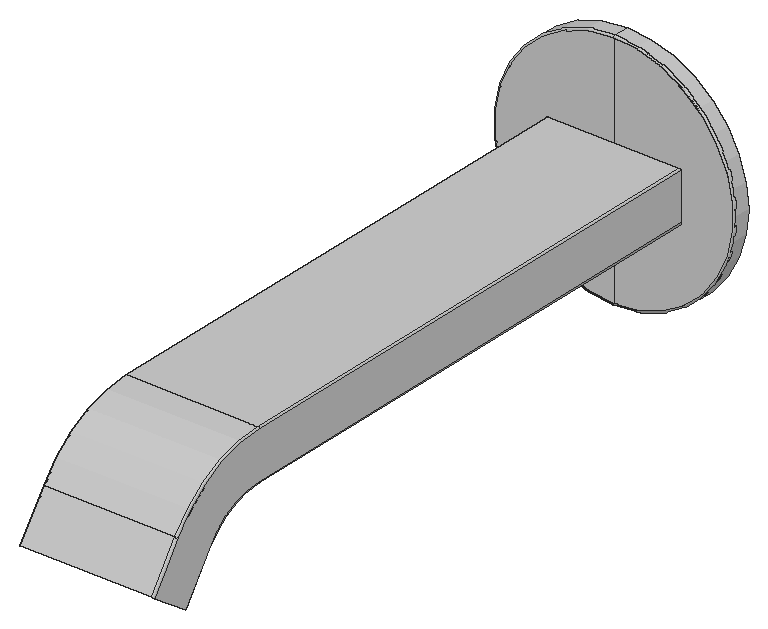
Revit family "PlumFix_Tap_ABEY_Stile_Basin Spout", category Plumbing Fixtures, Revit 2015
Parameters (values of type "Chrome")
  Waste Connection = no
  WFU = 0
  Vent Connection = no
  URL = "https://www.abey.com.au/"
  Type Comments = "Chrome Finish"
  PlumbingMaterial_ANZRS = z_Abey_Chrome
  Model = "500269"
  Manufacturer_URL__Product Specific = "https://www.abey.com.au/product/bathroom/stile-basin-spout/"
  Manufacturer_Spec Code = Model  # "500269"
  Manufacturer_Overall Width = 72 mm  # constant formula
  Manufacturer_Overall Height = 72 mm  # constant formula
  Manufacturer_Overall Depth = 201 mm  # constant formula
  Manufacturer_Height From FFL [instance] = 900 mm
  Manufacturer = "Abey Australia"  # constant formula
  Keynote = ""
  HWFU = 0
  HW Connection = yes
  Description = "Stile Basin Spout"  # constant formula
  CreatedBy_ANZRS = "UNIFI Labs"  # constant formula
  CreatedByURL_ANZRS = "http://www.unifilabs.com/"
  Cost = 0
  CWFU = 0
  CW Connection = yes
  Assembly Code = ""
Types (5, lengths in mm): name | Type Comments | PlumbingMaterial_ANZRS | Model | Manufacturer_Spec Code
  Chrome | "Chrome Finish" | z_Abey_Chrome | "500269" | "500269"
  Black | "Black Finish" | z_Abey_Black | "500269B" | "500269B"
  Brushed Nickel | "Brushed Nickel Finish" | z_Abey_Brushed Nickel | "500269BN" | "500269BN"
  Graphite | "Graphite Finish" | z_Abey_Graphite | "500269GR" | "500269GR"
  Rose Gold | "Rose Gold Finish" | z_Abey_Rose Gold | "500269RG" | "500269RG"
Reference planes
  plane 1 "Ref. Level": z = 0
  plane 2 "Center (Left/Right)": x = 98.02
  plane 3 "Bottom": z = 864
  plane 4 "Back": y = 25.5
  plane 5 "Left": x = 62.02
  plane 6 "Right": x = 134.02
  plane 7 "Top": z = 936
  plane 8 "Center (Front/Back)": y = -75
  plane 9 "Center (Elevation)": z = 900
  plane 10 "Front": y = -175.5
Forms (mm)
  Revolve 1, solid, material "z_Abey_Chrome" <- "PlumbingMaterial_ANZRS"
    sketch origin (98.02, 0, 0) x (0, 1, 0) y (0, 0, 1)
      loop
        line (25.5, 900) -> (25.5, 936) -> (21.011, 936)
        arc (21.011, 936) -> (20.658, 935.854) -> (20.511, 935.5) r 0.5
        line (20.511, 935.5) -> (20.511, 900) -> (25.5, 900)
      axis (20.511, 900) -> (25.5, 900)
    angle from 0 to 360
  Sweep 2, solid, material "z_Abey_Chrome" <- "PlumbingMaterial_ANZRS"
    path origin (98.02, 0, 0) x (0, 1, 0) y (0, 0, 1)
      loop
        line (20.5, 900) -> (-136.495, 900)
        arc (-136.495, 900) -> (-150.347, 896.61) -> (-161.069, 887.207) r 30
        line (-161.069, 887.207) -> (-169.673, 874.92)
    profile origin (98.02, -57.997, 900) x (0, 0, -1) y (1, 0, 0)
      loop
        arc (-7.5, -19.5) -> (-7.354, -19.854) -> (-7, -20) r 0.5
        line (-7, -20) -> (7, -20)
        arc (7, -20) -> (7.354, -19.854) -> (7.5, -19.5) r 0.5
        line (7.5, -19.5) -> (7.5, 19.5)
        arc (7.5, 19.5) -> (7.354, 19.854) -> (7, 20) r 0.5
        line (7, 20) -> (-7, 20)
        arc (-7, 20) -> (-7.354, 19.854) -> (-7.5, 19.5) r 0.5
        line (-7.5, 19.5) -> (-7.5, -19.5)
  Extrusion 3, solid, material "z_Abey_Chrome" <- "PlumbingMaterial_ANZRS"
    sketch origin (0, 25.5, 0) x (-1, 0, 0) y (0, 0, -1)
      loop
        circle (-90.67, -900) r 6.35
      loop
        circle (-105.37, -900) r 6.35
    from 0 to -1
Lines and regions (mm)
  Masking region 1
    outline origin (98.02, 0, 0) x (0, 1, 0) y (0, 0, 1)
      loop
        line (25.5, 864) -> (25.5, 936) -> (21, 936)
        arc (21, 936) -> (20.646, 935.854) -> (20.5, 935.5) r 0.5
        line (20.5, 935.5) -> (20.5, 907.5) -> (-136.495, 907.5)
        arc (-136.495, 907.5) -> (-153.81, 903.263) -> (-167.213, 891.509) r 37.5
        line (-167.213, 891.509) -> (-175.816, 879.222) -> (-163.529, 870.618) -> (-154.926, 882.905)
        arc (-154.926, 882.905) -> (-146.884, 889.958) -> (-136.495, 892.5) r 22.5
        line (-136.495, 892.5) -> (20.5, 892.5) -> (20.5, 864.5)
        arc (20.5, 864.5) -> (20.646, 864.146) -> (21, 864) r 0.5
        line (21, 864) -> (25.5, 864)
  Masking region 2
    outline origin (0, -55, 0) x (-1, 0, 0) y (0, 0, 1)
      loop
        circle (-98.02, 900) r 36
  Masking region 3
    outline origin (0, 0, 864) x (-1, 0, 0) y (0, -1, 0)
      loop
        line (-62.02, -25.5) -> (-62.02, -21.5)
        arc (-62.02, -21.5) -> (-62.313, -20.793) -> (-63.02, -20.5) r 1
        line (-63.02, -20.5) -> (-78.02, -20.5) -> (-78.02, 174)
        arc (-78.02, 174) -> (-78.459, 175.061) -> (-79.52, 175.5) r 1.5
        line (-79.52, 175.5) -> (-116.52, 175.5)
        arc (-116.52, 175.5) -> (-117.581, 175.061) -> (-118.02, 174) r 1.5
        line (-118.02, 174) -> (-118.02, -20.5) -> (-133.02, -20.5)
        arc (-133.02, -20.5) -> (-133.727, -20.793) -> (-134.02, -21.5) r 1
        line (-134.02, -21.5) -> (-134.02, -25.5) -> (-62.02, -25.5)
  symbolic lines, style "Taps/Mixers", detail levels medium+fine
    curve 1: line (98.02, 20.5, 907.5) -> (98.02, 20.5, 892.5)
    curve 2: line (117.52, -55, 879.222) -> (78.52, -55, 879.222)
    curve 3: line (78.02, -55, 907) -> (78.02, -55, 871.118)
    curve 4: line (78.52, -55, 870.618) -> (117.52, -55, 870.618)
    curve 5: line (118.02, -55, 871.118) -> (118.02, -55, 907)
    curve 6: line (117.52, -55, 907.5) -> (78.52, -55, 907.5)
    curve 11: line (78.02, 20.5, 864) -> (118.02, 20.5, 864)
    curve 12: arc (78.02, -55, 907) -> (78.166, -55, 907.354) -> (78.52, -55, 907.5) r 0.5
    curve 13: arc (118.02, -55, 907) -> (117.874, -55, 907.354) -> (117.52, -55, 907.5) r 0.5
    curve 14: arc (78.52, -55, 870.618) -> (78.166, -55, 870.765) -> (78.02, -55, 871.118) r 0.5
    curve 15: arc (117.52, -55, 870.618) -> (117.874, -55, 870.765) -> (118.02, -55, 871.118) r 0.5
    curve 16: arc (78.02, -55, 878.722) -> (78.166, -55, 879.075) -> (78.52, -55, 879.222) r 0.5
    curve 17: arc (118.02, -55, 878.722) -> (117.874, -55, 879.075) -> (117.52, -55, 879.222) r 0.5
  symbolic lines, style "Taps/Mixers", detail levels fine
    curve 7: line (84.322, -55, 877.222) -> (111.718, -55, 877.222)
    curve 8: line (111.718, -55, 872.618) -> (84.322, -55, 872.618)
    curve 9: arc (84.322, -55, 877.222) -> (82.02, -55, 874.92) -> (84.322, -55, 872.618) r 2.302
    curve 10: arc (111.718, -55, 877.222) -> (114.02, -55, 874.92) -> (111.718, -55, 872.618) r 2.302
Text (mm)
  text "Disclaimer:\n\nDue to ongoing product development and manufacturing evolution, product details are subject to change without notice.\n\nPlease refer to product technical data sheets on www.abey.com.au for the most current product information. Please allow a +/- 5mm tolerance for dimensions and set-outs shown in product literature.\n\n© 2017 Abey Australia" at (198.476, 0.566, 0), in view "Ref. Level_Instruction"
Dimensions and locks
  "Manufacturer_Overall Depth": plane 10 "Front" to plane 4 "Back"
  equal spacing: plane 5 "Left", plane 2 "Center (Left/Right)", plane 6 "Right"
  "Manufacturer_Overall Width": plane 5 "Left" to plane 6 "Right"
  "Manufacturer_Overall Height": plane 7 "Top" to plane 3 "Bottom"
  equal spacing: plane 7 "Top", plane 9 "Center (Elevation)", plane 3 "Bottom"
  "Manufacturer_Height From FFL": plane 9 "Center (Elevation)" to plane 1 "Ref. Level"
  equal spacing: plane 10 "Front", plane 8 "Center (Front/Back)", plane 4 "Back"
Automatic sketch dimensions
  Revolve 1 sketch curve to plane 9 "Center (Elevation)" = 0 mm  (x2)
  Revolve 1 sketch curve to plane 7 "Top" = 0 mm
  Revolve 1 sketch curve to plane 4 "Back" = 0 mm  (x2)
  Revolve 1 sketch curve to plane 7 "Top" = 0.5 mm
  plane 4 "Back" to Revolve 1 sketch curve = 4.489 mm
  Revolve 1 sketch curve to plane 4 "Back" = 2.521 mm
  Sweep 2 sketch curve to plane 9 "Center (Elevation)" = 0 mm
  Sweep 2 sketch curve to plane 10 "Front" = 14.431 mm
  plane 3 "Bottom" to Sweep 2 sketch curve = 6 mm
  Sweep 2 sketch curve to Sweep 2 sketch curve = 24.575 mm
  Sweep 2 sketch curve to plane 10 "Front" = 5.827 mm
  plane 4 "Back" to Sweep 2 sketch curve = 5 mm
  plane 3 "Bottom" to Sweep 2 sketch curve = 10.92 mm
  Extrusion 3 sketch curve to plane 9 "Center (Elevation)" = 0 mm  (x2)
  Extrusion 3 sketch curve to plane 2 "Center (Left/Right)" = 7.35 mm
  plane 2 "Center (Left/Right)" to Extrusion 3 sketch curve = 7.35 mm
  Masking region 2 sketch curve to plane 2 "Center (Left/Right)" = 0 mm
  Masking region 2 sketch curve to plane 9 "Center (Elevation)" = 0 mm
  plane 4 "Back" to Masking region 3 sketch curve = 0 mm
  Masking region 3 sketch curve to plane 6 "Right" = 0 mm
  plane 10 "Front" to Masking region 3 sketch curve = 0 mm
  Masking region 3 sketch curve to plane 5 "Left" = 0 mm
  Masking region 3 sketch curve to plane 6 "Right" = 1 mm
  Masking region 3 sketch curve to Masking region 3 sketch curve = 15 mm
  Masking region 3 sketch curve to Masking region 3 sketch curve = 1.5 mm
  plane 5 "Left" to Masking region 3 sketch curve = 17.5 mm
  Masking region 3 sketch curve to plane 10 "Front" = 1.5 mm
  plane 5 "Left" to Masking region 3 sketch curve = 1 mm
  plane 4 "Back" to Masking region 3 sketch curve = 4 mm
  Masking region 3 sketch curve to Masking region 3 sketch curve = 4 mm
  plane 4 "Back" to curve 11 = 5 mm
  curve 11 to plane 6 "Right" = 16 mm
  plane 5 "Left" to curve 11 = 16 mm
  profile plane to Sweep 2 sketch curve = 7.5 mm
  Sweep 2 sketch curve to Sweep 2 sketch curve = 0.5 mm  (x3)
  Sweep 2 sketch curve to profile plane = 7 mm  (x2)
  Sweep 2 sketch curve to plane 2 "Center (Left/Right)" = 20 mm
  plane 2 "Center (Left/Right)" to Sweep 2 sketch curve = 19.5 mm
  plane 4 "Back" to curve 1 = 5 mm
  curve 1 to plane 9 "Center (Elevation)" = 7.5 mm
  plane 9 "Center (Elevation)" to curve 1 = 7.5 mm
  plane 6 "Right" to curve 5 = 16 mm
  curve 17 to curve 17 = 0.5 mm
  curve 13 to curve 6 = 0.5 mm
  curve 15 to curve 15 = 0.5 mm
  curve 2 to curve 7 = 5.802 mm
  plane 2 "Center (Left/Right)" to curve 9 = 13.698 mm
  curve 7 to curve 2 = 5.802 mm
  curve 12 to plane 9 "Center (Elevation)" = 7 mm
  curve 8 to curve 4 = 5.802 mm
  curve 12 to curve 3 = 0.5 mm
  curve 2 to plane 3 "Bottom" = 15.222 mm
  curve 16 to curve 2 = 0.5 mm
  curve 7 to curve 2 = 2 mm
  curve 9 to curve 7 = 2.302 mm
  curve 3 to curve 8 = 1.5 mm
  Masking region 1 sketch curve to Masking region 1 sketch curve = 0 mm  (x2)
  Masking region 1 sketch curve to plane 3 "Bottom" = 0 mm
  Masking region 1 sketch curve to plane 7 "Top" = 0 mm
  Masking region 1 sketch curve to plane 4 "Back" = 0 mm
  Masking region 1 sketch curve to plane 7 "Top" = 0.5 mm
  plane 4 "Back" to Masking region 1 sketch curve = 4.5 mm  (x2)
  plane 3 "Bottom" to Masking region 1 sketch curve = 0.5 mm
  Masking region 1 sketch curve to plane 9 "Center (Elevation)" = 7.5 mm
  Masking region 1 sketch curve to plane 10 "Front" = 39.005 mm
  Masking region 1 sketch curve to plane 9 "Center (Elevation)" = 17.095 mm
  Masking region 1 sketch curve to plane 10 "Front" = 20.574 mm
  plane 3 "Bottom" to Masking region 1 sketch curve = 6.618 mm
  Masking region 1 sketch curve to plane 10 "Front" = 11.971 mm
  Masking region 1 sketch curve to plane 10 "Front" = 8.287 mm
  plane 10 "Front" to Masking region 1 sketch curve = 0.316 mm
  radius of Extrusion 3 sketch curve = 6.35 mm  (x2)
  radius of Masking region 2 sketch curve = 36 mm
Connectors
  piping at (90.67, 26.5, 900), diameter 12.7, driven by "HW Connection"
    settings: on Extrusion 3, index 1, connector inside diameter 609.6 mm, connector length 0 mm, flow factor 0, pipe flow 0.000 L/s, pressure drop 0.0 Pa, fitting loss kfactor 0, connector angle 0.00°, fixture units 0, engagement length 0 mm, angle of deflection 0.00°, flow configuration 2, flow direction 1, fitting loss method 0, system type 19, joint type 0, gender type 0, connector reference index -1, connector utility 1, adjustable connector no, is connector primary yes, connector description "Hot Water Supply"
  piping at (105.37, 26.5, 900), diameter 12.7, driven by "CW Connection"
    settings: on Extrusion 3, index 2, connector inside diameter 609.6 mm, connector length 0 mm, flow factor 0, pipe flow 0.000 L/s, pressure drop 0.0 Pa, fitting loss kfactor 0, connector angle 0.00°, fixture units 0, engagement length 0 mm, angle of deflection 0.00°, flow configuration 2, flow direction 1, fitting loss method 0, system type 20, joint type 0, gender type 0, connector reference index -1, connector utility 1, adjustable connector no, is connector primary no, connector description "Cold Water Supply"
